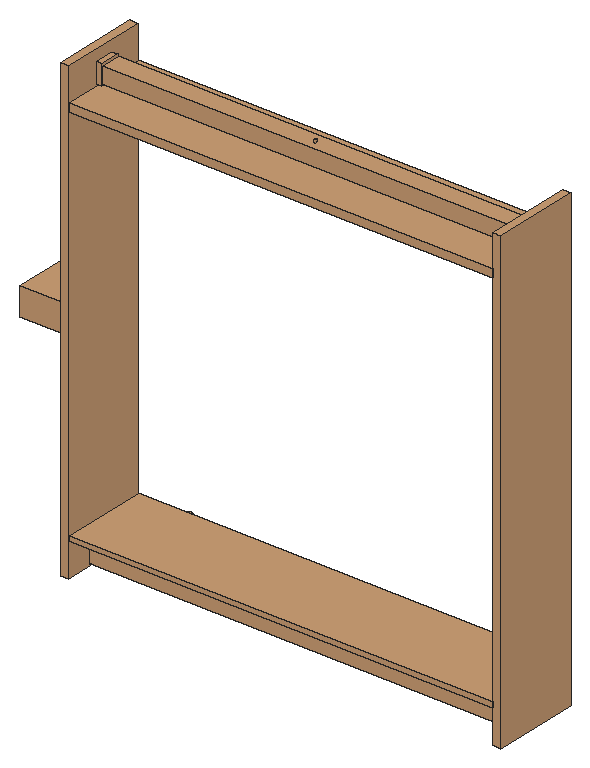
Revit family
Parameters
  Center of Unit = 0' - 0"  # constant formula
  Total Heating Capacity [instance] = 0.0 Btu/h
  Series = "VIFB"
  Outlet Area = 71.50 SF
  Lower Frame Thickness = if(Headers Height = 0' 3", 0' 1 1/4", if(Headers Height = 0' 3 1/4", 0' 1 1/4", 0' 0"))  # 0' - 1 1/4"
  Water Pressure Drop [instance] = 0.00 psi
  Water Flow [instance] = 0 GPM
  Unit Weight (lbs) = 1705
  URL = "http://www.ljwing.com/"
  Water Outlet Radius = 0' - 1 1/2"
  Headers Height = if(M = 0' 1", 0' 3", if(M = 0' 1 1/2", 0' 3 1/4", 0' 0"))  # 0' - 3 1/4"
  Number of Rows = 2  # constant formula
  Number of Coils [instance] = 0
  Nominal Length = 9' - 3 3/16"
  N = 1' - 0 3/4"
  Model = "VF-10W"
  Manufacturer = "LJ Wing"
  M = 0' - 1 1/2"
  Leaving Water Temperature [instance] = 0 °F
  Leaving Air Temperature [instance] = 0 °F
  Entering Water Temperature [instance] = 0 °F
  Entering Air Temperature [instance] = 0 °F
  Description = "Vertical Integral Face & Bypass Water Heating Coils"
  Hot Water Inlet  Radius = 0' - 1 1/2"
  Coil Face Area = Outlet Area * 0.56  # 40.04 SF
  Casing Material = ""
  Assembly Code = "D3020300"
  Air Vent Radius = 0' - 0 1/4"
  Air Pressure Drop [instance] = 0.00 in-wg
  Air Inlet Width = Nominal Length - 0' 4"  # 8' - 11 3/16"
  Air Inlet Height = Y  # 8' - 0"
  Air Flow [instance] = 0 CFM
  Y = 8' - 0"
  S = 0' - 9 3/4"  # constant formula
  Product URL = "http://www.ljwing.com/html/vifb.asp"
  OmniClass = "23-75 70 21 14 "
  Nominal Height = 9' - 8"
  Nominal Depth = 1' - 10"
  R = 0' - 10 1/4"  # constant formula
  Q = 0' - 4 19/32"
Reference planes (in)
  plane 1 "Center (Front/Back)": y = 0
  plane 2: z = -48
  plane 3 "Center (Left/Right)": x = 0
  plane 4: z = 58.25
  plane 5: x = -55.59375
  plane 6: x = 55.59375
  plane 7: z = -57.75
  plane 8: z = 0
  plane 9: y = -11
  plane 10: y = 11
  plane 11: z = 48
  plane 12: z = 50
  plane 13: z = -49.25
  plane 14: x = 53.59375
  plane 15: x = -53.59375
  plane 16: x = -51
  plane 17: x = 51
  plane 18: y = 14.0625
  plane 19: x = -66.59375
  plane 20: z = 55.125
  plane 21: z = 51.125
  plane 22: y = -2.5
  plane 23: y = 2.5
  plane 24: y = -4.5
  plane 25: z = -55.375
  plane 26: x = -42.84375
  plane 27: x = 42.84375
  plane 28: z = -51.375
Forms (in)
  Extrusion 1, solid, material "Painted Finish"
    sketch origin (0, 6, -9.75) x (1, 0, 0) y (0, 0, 1)
      loop
        line (-55.59375, -48) -> (-53.59375, -48) -> (-53.59375, 68) -> (-55.59375, 68) -> (-55.59375, -48)
      loop
        line (55.59375, -48) -> (55.59375, 68) -> (53.59375, 68) -> (53.59375, -48) -> (55.59375, -48)
    from -5 to 17
  Extrusion 2, solid, material "Painted Finish"
    sketch origin (0, 6, 0) x (1, 0, 0) y (0, 0, 1)
      loop
        line (53.59375, -48) -> (-53.59375, -48) -> (-53.59375, -49.25) -> (53.59375, -49.25) -> (53.59375, -48)
      loop
        line (53.59375, 48) -> (53.59375, 50) -> (-53.59375, 50) -> (-53.59375, 48) -> (53.59375, 48)
    from -5 to 17
  Extrusion 3, solid, material "Painted Finish"
    sketch origin (0, 10, -0.5) x (1, 0, 0) y (0, 0, 1)
      loop
        line (-55.59375, 4) -> (-66.59375, 4) -> (-66.59375, -3) -> (-55.59375, -3) -> (-55.59375, 4)
    from 0 to 20
  Extrusion 4, solid, material "Painted Finish"
    sketch origin (0, 6, 0) x (1, 0, 0) y (0, 0, 1)
      loop
        line (-51.96875, 55.125) -> (-51.96875, 51.125) -> (51.96875, 51.125) -> (51.96875, 55.125) -> (-51.96875, 55.125)
    from 3.5 to 8.5
  Extrusion 5, solid, material "Painted Finish"
    sketch origin (0, 0, 0) x (1, 0, 0) y (0, 0, 1)
      loop
        line (-51.96875, 50.625) -> (-51.96875, 55.625) -> (-53.59375, 55.625) -> (-53.59375, 50.625) -> (-51.96875, 50.625)
      loop
        line (53.59375, 50.625) -> (53.59375, 55.625) -> (51.96875, 55.625) -> (51.96875, 50.625) -> (53.59375, 50.625)
    from -2.5 to 2.5
  Extrusion 6, solid, material "Painted Finish"
    sketch origin (0, 6, 0) x (1, 0, 0) y (0, 0, 1)
      loop
        line (-53.09375, -49.75) -> (-53.09375, -49.5) -> (-53.59375, -49.5) -> (-53.59375, -53.25) -> (-53.09375, -53.25) -> (-53.09375, -53) -> (53.09375, -53) -> (53.09375, -53.25) -> (53.59375, -53.25) -> (53.59375, -49.5) -> (53.09375, -49.5) -> (53.09375, -49.75) -> (-53.09375, -49.75)
      loop
        line (53.09375, -57) -> (53.09375, -57.125) -> (53.59375, -57.125) -> (53.59375, -53.5) -> (53.09375, -53.5) -> (53.09375, -53.75) -> (-53.09375, -53.75) -> (-53.09375, -53.5) -> (-53.59375, -53.5) -> (-53.59375, -57.25) -> (-53.09375, -57.25) -> (-53.09375, -57) -> (53.09375, -57)
    from -5 to 10.5
  Extrusion 7, void
    sketch origin (0, 0, 0) x (1, 0, 0) y (0, 0, 1)
      loop
        line (-53.59375, 48) -> (-53.59375, -48) -> (53.59375, -48) -> (53.59375, 48) -> (-53.59375, 48)
    from -11 to 11
  Extrusion 8, solid, material "Painted Finish"
    sketch origin (0, 0, 0) x (1, 0, 0) y (0, 0, 1)
      loop
        circle (42.84375, -55.375) r 1.5
      loop
        circle (-42.84375, -51.375) r 1.5
    from -14.0625 to -11
  Extrusion 9, solid, material "Painted Finish"
    sketch origin (0, 0, 0) x (1, 0, 0) y (0, 1, 0)
      loop
        circle (0, 0) r 0.25
    from 55.125 to 55.625
Cuts and joins
  Extrusion 7 cuts Extrusion 1
  Extrusion 7 cuts Extrusion 2
Dimensions and locks (in)
  "Nominal Length": plane 6 to plane 5
  equal spacing: plane 6, plane 3 "Center (Left/Right)", plane 5
  "S": plane 2 to plane 7
  "Nominal Depth": plane 10 to plane 9
  equal spacing: plane 10, plane 1 "Center (Front/Back)", plane 9
  "Y": plane 11 to plane 2
  "R": plane 4 to plane 11
  locked: plane 12 to plane 11 at 2
  "Lower Frame Thickness": plane 2 to plane 13
  "Q": plane 16 to plane 5
  "Q": plane 6 to plane 17
  locked: plane 18 to plane 10 at 3.0625
  locked: plane 5 to plane 19 at 11
  locked: Extrusion 3 sketch curve to Extrusion 3 sketch curve at 7
  locked: Extrusion 3 to Extrusion 3 at 20
  locked: plane 6 to plane 14 at 2
  locked: plane 15 to plane 5 at 2
  locked: Extrusion 5 sketch curve to plane 20 at 0.5
  locked: plane 21 to Extrusion 5 sketch curve at 0.5
  locked: plane 20 to plane 21 at 4
  locked: plane 23 to plane 22 at 5
  equal spacing: plane 23, plane 1 "Center (Front/Back)", plane 22
  locked: plane 22 to plane 24 at 2
  plane 4 to plane 7 = 9' - 8"
  locked: Extrusion 5 sketch curve to Extrusion 1 at 1.625
  locked: Extrusion 5 sketch curve to Extrusion 5 sketch curve at 1.625
  locked: Extrusion 7 sketch curve to plane 11 at 0
  locked: Extrusion 7 sketch curve to plane 15 at 0
  locked: Extrusion 7 sketch curve to plane 14 at 0
  locked: plane 15 to Extrusion 6 sketch curve at 0.5
  locked: Extrusion 6 sketch curve to Extrusion 6 sketch curve at 0.25  (x2)
  locked: plane 25 to plane 7 at 2.375
  "N": plane 26 to plane 5
  "N": plane 6 to plane 27
  locked: plane 28 to plane 7 at 6.375
  "Headers Height": Extrusion 6 sketch curve to Extrusion 6 sketch curve  (x2)
  locked: Extrusion 8 sketch curve to plane 25 at 0
  locked: Extrusion 8 sketch curve to plane 28 at 0
  locked: Extrusion 9 sketch curve to plane 1 "Center (Front/Back)" at 0
  locked: Extrusion 9 sketch curve to plane 3 "Center (Left/Right)" at 0
  equal spacing: Extrusion 6 sketch curve, plane 28, Extrusion 6 sketch curve
  equal spacing: Extrusion 6 sketch curve, plane 25, Extrusion 6 sketch curve
  locked: plane 4 to plane 20 at 3.125
  locked: Extrusion 7 sketch curve to plane 2 at 0
  equal spacing: plane 11, plane 8, plane 2
  locked: Extrusion 8 sketch curve to plane 27 at 0
  locked: Extrusion 8 sketch curve to plane 26 at 0
  "M": radius of Extrusion 8 sketch curve  (x2)
  "Air Vent Radius": radius of Extrusion 9 sketch curve
  aligned and locked: Extrusion 1 to plane 9
  aligned and locked: Extrusion 1 to plane 10
  aligned and locked: Extrusion 1 to plane 15
  aligned and locked: Extrusion 1 to plane 14
  aligned and locked: Extrusion 2 to plane 9
  aligned and locked: plane 9 to Extrusion 1
  aligned and locked: plane 10 to Extrusion 1  (x2)
  aligned and locked: Extrusion 2 to plane 10
  aligned and locked: plane 10 to Extrusion 2  (x2)
  aligned and locked: plane 9 to Extrusion 2  (x2)
  aligned and locked: plane 5 to Extrusion 3
  aligned and locked: Extrusion 5 sketch curve to plane 15
  aligned and locked: Extrusion 5 sketch curve to Extrusion 4
  aligned and locked: Extrusion 1 to Extrusion 6
  aligned and locked: plane 22 to Extrusion 5
  aligned and locked: Extrusion 5 to Extrusion 4  (x2)
  aligned and locked: Extrusion 5 to plane 23
  aligned and locked: Extrusion 6 to plane 24
  aligned and locked: Extrusion 4 to Extrusion 5  (x2)
  aligned and locked: Extrusion 5 to Extrusion 1  (x2)
  aligned and locked: Extrusion 1 to Extrusion 7  (x2)
  aligned and locked: plane 18 to Extrusion 8
  aligned and locked: Extrusion 8 to plane 10
  aligned and locked: plane 20 to Extrusion 9
  aligned and locked: Extrusion 9 to Extrusion 5
  aligned and locked: plane 2 to cut or joined group of Extrusion 2, Extrusion 7
  aligned and locked: Extrusion 1 sketch curve to plane 6
  aligned and locked: Extrusion 1 sketch curve to plane 14
  aligned and locked: Extrusion 1 sketch curve to plane 15
  aligned and locked: Extrusion 1 sketch curve to plane 5
  aligned and locked: Extrusion 1 sketch curve to plane 4  (x2)
  aligned and locked: plane 7 to Extrusion 1 sketch curve  (x2)
  aligned and locked: Extrusion 2 sketch curve to plane 11
  aligned and locked: Extrusion 2 sketch curve to plane 12
  aligned and locked: plane 2 to Extrusion 2 sketch curve
  aligned and locked: Extrusion 2 sketch curve to plane 13
  aligned and locked: plane 14 to Extrusion 2 sketch curve
  aligned and locked: plane 15 to Extrusion 2 sketch curve
  aligned and locked: Extrusion 2 sketch curve to plane 15
  aligned and locked: Extrusion 2 sketch curve to plane 14
  aligned and locked: plane 20 to Extrusion 4 sketch curve
  aligned and locked: Extrusion 4 sketch curve to plane 21
  aligned and locked: plane 14 to Extrusion 6 sketch curve  (x2)
  aligned and locked: Extrusion 6 sketch curve to plane 15  (x2)
Automatic sketch dimensions
  Extrusion 3 sketch curve to plane 19 = 0' - 0"
  Extrusion 3 sketch curve to plane 5 = 0' - 0"
  plane 8 to Extrusion 3 sketch curve = 0' - 3 1/2"
  Extrusion 4 sketch curve to plane 16 = 0' - 0 31/32"
  plane 17 to Extrusion 4 sketch curve = 0' - 0 31/32"
  plane 21 to Extrusion 5 sketch curve = 0' - 0 1/2"
  Extrusion 5 sketch curve to plane 20 = 0' - 0 1/2"
  plane 15 to Extrusion 6 sketch curve = 0' - 0 1/2"  (x2)
  Extrusion 6 sketch curve to Extrusion 6 sketch curve = 0' - 0 1/4"  (x5)
  Extrusion 6 sketch curve to Extrusion 6 sketch curve = 0' - 0"  (x2)
  Extrusion 6 sketch curve to plane 14 = 0' - 0 1/2"  (x2)
  Extrusion 6 sketch curve to Extrusion 6 sketch curve = 0' - 0 1/2"
  Extrusion 6 sketch curve to plane 7 = 0' - 0 5/8"
Connectors (in)
  hvac at (0, -11, 0), driven by "Air Inlet Height", driven by "Air Inlet Width", driven by "Air Flow", driven by "Air Pressure Drop"
    settings: on Extrusion 7, index 1
  hvac at (0, 11, 0), driven by "Air Pressure Drop", driven by "Air Inlet Height", driven by "Air Inlet Width", driven by "Air Flow"
    settings: on Extrusion 7, index 2
  piping at (-42.84375, 14.0625, -51.375), driven by "M", driven by "Water Flow", driven by "Water Pressure Drop"
    settings: on Extrusion 8, index 4
  piping at (42.84375, 14.0625, -55.375), driven by "Water Pressure Drop", driven by "Water Flow", driven by "M"
    settings: on Extrusion 8, index 5
